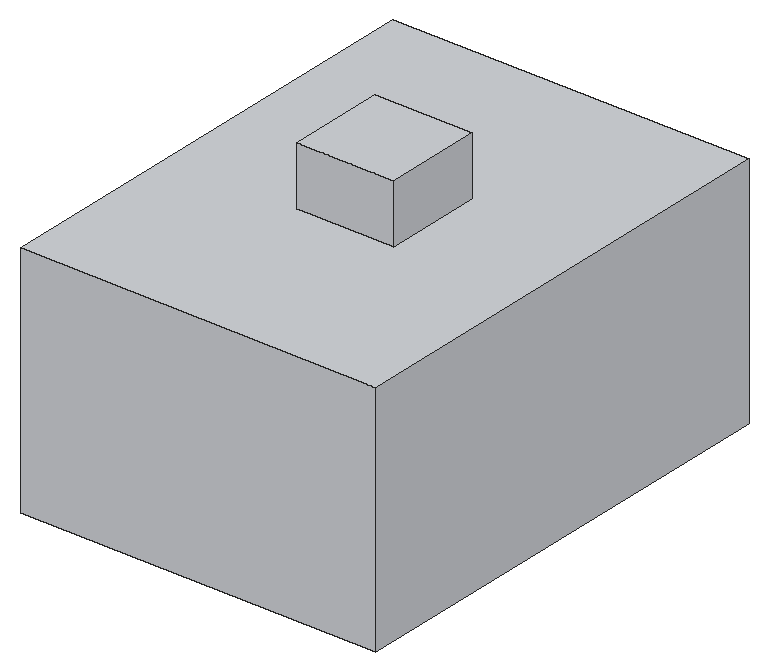
Revit family "M_Filtro de gordura - Somente exaustão - Ilha", category Terminais de ar, Revit 2019
Family settings
  Cota do conector redondo = Utilizar diâmetro
  Tipo de parte = Normal
  Número OmniClass = 23.40.40.14.21.11
  Título OmniClass = Food Service Hoods
  ID de item do Seek = Grease Hood - Exhaust Only - Island-0000-CAN-ENU
  Com base no plano de trabalho = Não
  Sempre na vertical = Sim
  Corte com vazios quando carregada = Não
  Compartilhado = Não
  Ponto de cálculo do ambiente = Não
Parameters (values of type "Padrão")
  Queda de pressão [instance] = 50.0 Pa
  Fluxo mínimo = 0.0 L/s
  Fluxo máximo = 0.0 L/s
  Largura da coifa [instance] = 1200 mm
  Material da coifa = none
  Comprimento da coifa [instance] = 915 mm
  Largura do duto [instance] = 250 mm
  Altura do duto [instance] = 250 mm
  Fluxo do ar de exaustão [instance] = 0.254 m/s * Comprimento da coifa * Largura da coifa  # 278.892 L/s
Reference planes
  plane 1 "Centro (Frente/Trás)": y = 0
  plane 2: z = 0
  plane 3 "Centro (Esquerda/Direita)": x = 0
  plane 4: x = -457.5
  plane 5: x = 457.5
  plane 6: y = 600
  plane 7: y = -600
  plane 8: z = 609.6
  plane 9: z = 762
  plane 10: y = 125
  plane 11: y = -125
  plane 12: x = -125
  plane 13: x = 125
Forms (mm)
  Extrusion 1, solid, material <- "Material da coifa"
    sketch origin (0, 0, 0) x (1, 0, 0) y (0, 1, 0)
      loop
        line (-457.5, 600) -> (-457.5, -600) -> (457.5, -600) -> (457.5, 600) -> (-457.5, 600)
    from 0 to 609.6
  Extrusion 2, solid, material <- "Material da coifa"
    sketch origin (0, 0, 0) x (1, 0, 0) y (0, 1, 0)
      loop
        line (-125, 125) -> (-125, -125) -> (125, -125) -> (125, 125) -> (-125, 125)
    from 609.6 to 762
Dimensions and locks
  equal spacing: plane 4, plane 3 "Centro (Esquerda/Direita)", plane 5
  "Comprimento da coifa": plane 4 to plane 5
  equal spacing: plane 6, plane 1 "Centro (Frente/Trás)", plane 7
  "Largura da coifa": plane 6 to plane 7
  locked: plane 8 to plane 2 at 609.6
  locked: plane 9 to plane 8 at 152.4
  equal spacing: plane 12, plane 3 "Centro (Esquerda/Direita)", plane 13
  equal spacing: plane 10, plane 1 "Centro (Frente/Trás)", plane 11
  "Largura do duto": plane 12 to plane 13
  "Altura do duto": plane 10 to plane 11
  aligned and locked: plane 4 to Extrusion 1 sketch curve
  aligned and locked: Extrusion 1 sketch curve to plane 6
  aligned and locked: plane 7 to Extrusion 1 sketch curve
  aligned and locked: Extrusion 1 sketch curve to plane 5
  aligned and locked: Extrusion 1 to plane 2
  aligned and locked: plane 8 to Extrusion 1
  aligned and locked: plane 12 to Extrusion 2 sketch curve
  aligned and locked: Extrusion 2 sketch curve to plane 10
  aligned and locked: plane 11 to Extrusion 2 sketch curve
  aligned and locked: Extrusion 2 sketch curve to plane 13
  aligned and locked: plane 9 to Extrusion 2
  aligned and locked: Extrusion 2 to plane 8
Connectors
  hvac at (0, 0, 762), driven by "Queda de pressão", driven by "Fluxo do ar de exaustão", driven by "Altura do duto", driven by "Largura do duto"
    settings: on Extrusion 2, index 1, duct flow 278.892 L/s, flow factor 0, pres drop 50.0 Pa, loss coef 0, conn angle 0.00°, conn width 250 mm, conn height 250 mm, conn diameter 609.6 mm, duct sys type 3, conn prof type 1, flow config 1, flow direction 2, loss method 4, conn ref index -1, conn util no, is conn primary yes, conn desc ""
